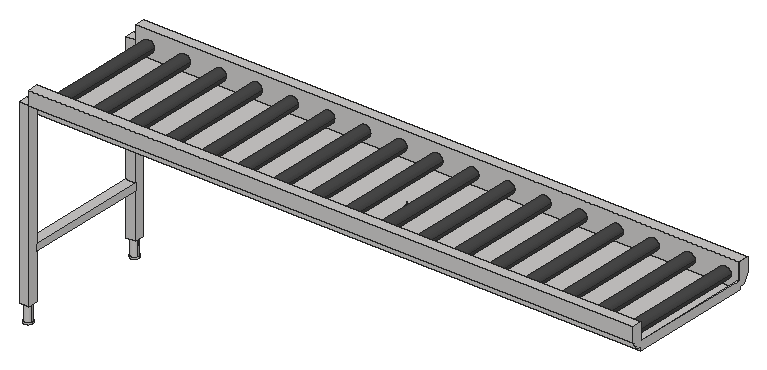
Revit family "QF_ELECTROLUXPROFESSIONAL_863038_HSLRC26", category Specialty Equipment, Revit 2018
Family settings
  Round Connector Dimension = Use Diameter
  Part Type = Normal
  Work Plane-Based = No
  Always vertical = Yes
  Cut with Voids When Loaded = No
  Shared = No
  Room Calculation Point = No
Parameters
  Weight = 0.00 kg
  Watts = 0 W
  Volts = 0 V
  URL Manufacturer = "http://professional.electrolux.com/"
  URL = "http://professional.electrolux.com/"
  Steam Supply Size = 0 mm
  Steam Supply Minimum Pressure = 0.0 Pa
  Steam Supply Maximum Pressure = 0.0 Pa
  Steam Pounds per Hour = 0
  Refrigeration Suction Line Size = 0 mm
  Refrigeration Liquid Line Size = 0 mm
  Refrigerant Compressor Remote = yes
  Manufacturer = "Electrolux"
  Phase = 0
  Model = "HSLRC26"
  Length Actual = 2600 mm  # constant formula
  Item Number = "863038"
  Hot Water Size = 0 mm
  Height Actual = 910 mm  # constant formula
  HP = "0 HP"
  Gas Size = 0 mm
  Gas KW = 0
  Gas Input Pressure = 0 W
  Description = "CONVEYOR, LONG ROLLERS, L=2600 MM"
  Depth Actual = 620 mm  # constant formula
  Cycle = 0 Hz
  Condensate Return Size = 0 mm
  Compressed Air Volume = 0.0 L/s
  Compressed Air Size = 0 mm
  Compressed Air Pressure = 0.0 Pa
  Cold Water Size = 0 mm
  Accessory = yes
Reference planes
  plane 1 "Centro (Fronte/Retro)": y = 74.737
  plane 2: z = 0
  plane 3 "LEFT": x = -1038.761
  plane 4 "BACK": y = 384.737
  plane 5 "FRONT": y = -235.263
  plane 6: z = 910
  plane 7 "RIGHT": x = 1561.239
  plane 8: x = 291.239
Forms (mm)
  Extrusion 1, solid, material "QF_Finishes_Stainless Steel"
    sketch origin (0, 74.737, 0) x (1, 0, 0) y (0, 0, 1)
      loop
        line (-1079.929, 300) -> (-1079.929, 270) -> (-1039.929, 270) -> (-1039.929, 300) -> (-1079.929, 300)
    from -266.504 to 266.46
  Extrusion 2, solid, material "QF_Finishes_Stainless Steel"
    sketch origin (11.239, 0, 0) x (0, 1, 0) y (0, 0, 1)
      loop
        line (-235.263, 910) -> (-235.263, 850.033) -> (-190.242, 850.033) -> (-190.242, 910) -> (-235.263, 910)
      loop
        line (384.737, 910) -> (339.716, 910) -> (339.716, 850.033) -> (384.737, 850.033) -> (384.737, 910)
    from -1050 to 1548.8
  Extrusion 3, solid, material "QF_Finishes_Stainless Steel"
    sketch origin (11.239, 0, 0) x (0, 1, 0) y (0, 0, 1)
      loop
        line (-191.727, 850.033) -> (-191.727, 800.081) -> (341.245, 800.081) -> (341.245, 850.033) -> (339.716, 850.033) -> (339.716, 803.081) -> (-190.242, 803.081) -> (-190.242, 850.033) -> (-191.727, 850.033)
    from -1050 to 1548.8
  Extrusion 4, solid, material "QF_Finishes_Black"
    sketch origin (0, 74.737, 0) x (1, 0, 0) y (0, 0, -1)
      loop
        circle (-980.637, -850.115) r 25
      loop
        circle (-825.403, -850.115) r 25
      loop
        circle (-670.168, -850.115) r 25
      loop
        circle (1503.115, -850.115) r 25
      loop
        circle (726.943, -850.115) r 25
      loop
        circle (882.177, -850.115) r 25
      loop
        circle (1192.646, -850.115) r 25
      loop
        circle (1347.881, -850.115) r 25
      loop
        circle (-514.934, -850.115) r 25
      loop
        circle (571.708, -850.115) r 25
      loop
        circle (416.474, -850.115) r 25
      loop
        circle (261.239, -850.115) r 25
      loop
        circle (-359.699, -850.115) r 25
      loop
        circle (106.005, -850.115) r 25
      loop
        circle (-204.465, -850.115) r 25
      loop
        circle (1037.412, -850.115) r 25
      loop
        circle (-49.23, -850.115) r 25
    from -260.534 to 260.534
  Extrusion 5, solid, material "QF_Finishes_Stainless Steel"
    sketch origin (3061.239, 723.253, 4000) x (0, 1, 0) y (0, 0, 1)
      loop
        line (-958.516, -3090) -> (-958.516, -3149.967) -> (-934.752, -3185.632) -> (-915.4, -3185.632) -> (-915.4, -3199.919) -> (-381.633, -3199.919) -> (-381.633, -3185.632) -> (-362.281, -3185.632) -> (-338.516, -3149.967) -> (-338.516, -3090) -> (-383.538, -3090) -> (-383.538, -3161.926) -> (-913.495, -3161.926) -> (-913.495, -3090) -> (-958.516, -3090)
    from -1500 to -1501.2
  Revolve 6, solid, material "QF_Finishes_Stainless Steel"
    sketch origin (261.582, 0, 0) x (0, 1, 0) y (0, 0, 1)
      loop
        line (74.737, 800.081) -> (12.53, 800.081) -> (12.319, 797.4) -> (12.319, 785.476) -> (17.293, 785.476) -> (17.293, 781.772)
        arc (17.293, 781.772) -> (20.266, 773.808) -> (27.77, 769.813) r 11.998
        line (27.77, 769.813) -> (74.737, 764.085) -> (74.737, 800.081)
      axis (74.737, 764.085) -> (74.737, 800.081)
    angle from 0 to 360
  Revolve 7, solid, material "QF_Finishes_Stainless Steel"
    sketch origin (291.582, -1524, 744.096) x (0, 0, 1) y (0, -1, 0)
      loop
        line (13.017, -1619.713) -> (30, -1619.713) -> (30, -1598.737) -> (0, -1598.737) -> (0, -1619.713) -> (2.434, -1622.253) -> (10.477, -1622.253) -> (13.017, -1619.713)
      axis (0, -1598.737) -> (30, -1598.737)
    angle from 0 to 360
Cuts and joins
  joined: Extrusion 2, Extrusion 3
Lines and regions (mm)
  Split face 1
    outline origin (1308.864, 339.716, 803.081) x (-1, 0, 0) y (0, -1, 0)
      loop
        circle (1047, 264.904) r 3.016
  Split face 2
    outline origin (1308.864, 339.716, 803.081) x (-1, 0, 0) y (0, -1, 0)
      loop
        circle (1047, 264.904) r 52.991
  Split face 3
    outline origin (1308.864, 339.716, 803.081) x (-1, 0, 0) y (0, -1, 0)
      loop
        circle (1047, 264.904) r 36.015
  Split face 4
    outline origin (1308.864, 339.716, 803.081) x (-1, 0, 0) y (0, -1, 0)
      loop
        circle (1047, 264.904) r 26.027
  Split face 5
    outline origin (1308.864, 339.716, 803.081) x (-1, 0, 0) y (0, -1, 0)
      loop
        circle (1047, 264.904) r 9.056
  Masking region 1
    outline origin (0, 0, 0) x (1, 0, 0) y (0, 1, 0)
      loop
        line (-1038.761, 384.737) -> (-1038.761, -235.263) -> (1561.239, -235.263) -> (1561.239, 384.737) -> (-1038.761, 384.737)
  symbolic lines
    curve 1: line (1561.239, 384.737, 0) -> (-1038.761, 384.737, 0)
    curve 2: line (-1038.761, 384.737, 0) -> (-1038.761, -235.263, 0)
    curve 3: line (-1038.761, 339.716, 0) -> (1561.239, 339.716, 0)
    curve 4: line (-1038.761, -235.263, 0) -> (1561.239, -235.263, 0)
    curve 5: line (1561.239, -235.263, 0) -> (1561.239, 384.737, 0)
    curve 6: line (1561.239, -190.242, 0) -> (-1038.761, -190.242, 0)
    curve 7: line (-955.637, 335.271, 0) -> (-1005.637, 335.271, 0)
    curve 8: line (-1005.637, 335.271, 0) -> (-1005.637, -185.797, 0)
    curve 9: line (-1005.637, -185.797, 0) -> (-955.637, -185.797, 0)
    curve 10: line (-955.637, -185.797, 0) -> (-955.637, 335.271, 0)
    curve 11: line (-800.403, 335.271, 0) -> (-850.403, 335.271, 0)
    curve 12: line (-850.403, 335.271, 0) -> (-850.403, -185.797, 0)
    curve 13: line (-850.403, -185.797, 0) -> (-800.403, -185.797, 0)
    curve 14: line (-800.403, -185.797, 0) -> (-800.403, 335.271, 0)
    curve 15: line (-645.168, 335.271, 0) -> (-695.168, 335.271, 0)
    curve 16: line (-695.168, 335.271, 0) -> (-695.168, -185.797, 0)
    curve 17: line (-695.168, -185.797, 0) -> (-645.168, -185.797, 0)
    curve 18: line (-645.168, -185.797, 0) -> (-645.168, 335.271, 0)
    curve 19: line (1528.115, 335.271, 0) -> (1478.115, 335.271, 0)
    curve 20: line (1478.115, 335.271, 0) -> (1478.115, -185.797, 0)
    curve 21: line (1478.115, -185.797, 0) -> (1528.115, -185.797, 0)
    curve 22: line (1528.115, -185.797, 0) -> (1528.115, 335.271, 0)
    curve 23: line (1561.239, 74.737, 0) -> (1531.239, 74.737, 0)
    curve 24: line (-1038.761, 74.737, 0) -> (-1008.761, 74.737, 0)
    curve 25: arc (261.846, 137.156, 0) -> (324.264, 74.737, 0) -> (261.846, 12.319, 0) r 62.418
    curve 26: arc (261.846, 12.319, 0) -> (199.427, 74.737, 0) -> (261.846, 137.156, 0) r 62.418
    curve 27: arc (291.846, 95.713, 0) -> (270.87, 74.737, 0) -> (291.846, 53.761, 0) r 20.976
    curve 28: arc (291.846, 53.761, 0) -> (312.822, 74.737, 0) -> (291.846, 95.713, 0) r 20.976
    curve 29: line (-489.934, 335.271, 0) -> (-539.934, 335.271, 0)
    curve 30: line (-539.934, 335.271, 0) -> (-539.934, -185.797, 0)
    curve 31: line (-539.934, -185.797, 0) -> (-489.934, -185.797, 0)
    curve 32: line (-489.934, -185.797, 0) -> (-489.934, 335.271, 0)
    curve 33: line (-334.699, 335.271, 0) -> (-384.699, 335.271, 0)
    curve 34: line (-384.699, 335.271, 0) -> (-384.699, -185.797, 0)
    curve 35: line (-384.699, -185.797, 0) -> (-334.699, -185.797, 0)
    curve 36: line (-334.699, -185.797, 0) -> (-334.699, 335.271, 0)
    curve 37: line (-179.465, 335.271, 0) -> (-229.465, 335.271, 0)
    curve 38: line (-229.465, 335.271, 0) -> (-229.465, -185.797, 0)
    curve 39: line (-229.465, -185.797, 0) -> (-179.465, -185.797, 0)
    curve 40: line (-179.465, -185.797, 0) -> (-179.465, 335.271, 0)
    curve 41: line (-24.23, 335.271, 0) -> (-74.23, 335.271, 0)
    curve 42: line (-74.23, 335.271, 0) -> (-74.23, -185.797, 0)
    curve 43: line (-74.23, -185.797, 0) -> (-24.23, -185.797, 0)
    curve 44: line (-24.23, -185.797, 0) -> (-24.23, 335.271, 0)
    curve 45: line (131.005, 335.271, 0) -> (81.005, 335.271, 0)
    curve 46: line (81.005, 335.271, 0) -> (81.005, -185.797, 0)
    curve 47: line (81.005, -185.797, 0) -> (131.005, -185.797, 0)
    curve 48: line (131.005, -185.797, 0) -> (131.005, 335.271, 0)
    curve 49: line (286.239, 335.271, 0) -> (236.239, 335.271, 0)
    curve 50: line (236.239, 335.271, 0) -> (236.239, -185.797, 0)
    curve 51: line (236.239, -185.797, 0) -> (286.239, -185.797, 0)
    curve 52: line (286.239, -185.797, 0) -> (286.239, 335.271, 0)
    curve 53: line (441.474, 335.271, 0) -> (391.474, 335.271, 0)
    curve 54: line (391.474, 335.271, 0) -> (391.474, -185.797, 0)
    curve 55: line (391.474, -185.797, 0) -> (441.474, -185.797, 0)
    curve 56: line (441.474, -185.797, 0) -> (441.474, 335.271, 0)
    curve 57: line (596.708, 335.271, 0) -> (546.708, 335.271, 0)
    curve 58: line (546.708, 335.271, 0) -> (546.708, -185.797, 0)
    curve 59: line (546.708, -185.797, 0) -> (596.708, -185.797, 0)
    curve 60: line (596.708, -185.797, 0) -> (596.708, 335.271, 0)
    curve 61: line (751.943, 335.271, 0) -> (701.943, 335.271, 0)
    curve 62: line (701.943, 335.271, 0) -> (701.943, -185.797, 0)
    curve 63: line (701.943, -185.797, 0) -> (751.943, -185.797, 0)
    curve 64: line (751.943, -185.797, 0) -> (751.943, 335.271, 0)
    curve 65: line (907.177, 335.271, 0) -> (857.177, 335.271, 0)
    curve 66: line (857.177, 335.271, 0) -> (857.177, -185.797, 0)
    curve 67: line (857.177, -185.797, 0) -> (907.177, -185.797, 0)
    curve 68: line (907.177, -185.797, 0) -> (907.177, 335.271, 0)
    curve 69: line (1062.412, 335.271, 0) -> (1012.412, 335.271, 0)
    curve 70: line (1012.412, 335.271, 0) -> (1012.412, -185.797, 0)
    curve 71: line (1012.412, -185.797, 0) -> (1062.412, -185.797, 0)
    curve 72: line (1062.412, -185.797, 0) -> (1062.412, 335.271, 0)
    curve 73: line (1217.646, 335.271, 0) -> (1167.646, 335.271, 0)
    curve 74: line (1167.646, 335.271, 0) -> (1167.646, -185.797, 0)
    curve 75: line (1167.646, -185.797, 0) -> (1217.646, -185.797, 0)
    curve 76: line (1217.646, -185.797, 0) -> (1217.646, 335.271, 0)
    curve 77: line (1372.881, 335.271, 0) -> (1322.881, 335.271, 0)
    curve 78: line (1322.881, 335.271, 0) -> (1322.881, -185.797, 0)
    curve 79: line (1322.881, -185.797, 0) -> (1372.881, -185.797, 0)
    curve 80: line (1372.881, -185.797, 0) -> (1372.881, 335.271, 0)
Dimensions and locks
  plane 3 "LEFT" to plane 7 "RIGHT" = 2600 mm
  equal spacing: plane 4 "BACK", plane 1 "Centro (Fronte/Retro)", plane 5 "FRONT"
  plane 4 "BACK" to plane 5 "FRONT" = 620 mm
  locked: Extrusion 4 sketch curve to plane 3 "LEFT" at 58.124
  locked: plane 7 "RIGHT" to Extrusion 4 sketch curve at 58.124
  equal spacing: Extrusion 4 sketch curve, Extrusion 4 sketch curve, Extrusion 4 sketch curve, Extrusion 4 sketch curve, Extrusion 4 sketch curve, Extrusion 4 sketch curve, Extrusion 4 sketch curve, Extrusion 4 sketch curve, Extrusion 4 sketch curve, Extrusion 4 sketch curve, Extrusion 4 sketch curve, Extrusion 4 sketch curve, Extrusion 4 sketch curve, Extrusion 4 sketch curve, Extrusion 4 sketch curve, Extrusion 4 sketch curve, Extrusion 4 sketch curve
  aligned and locked: level to plane 2
Automatic sketch dimensions
  Extrusion 1 sketch curve to plane 3 "LEFT" = 41.168 mm
  Extrusion 1 sketch curve to plane 3 "LEFT" = 1.168 mm
  level to Extrusion 1 sketch curve = 270 mm
  Extrusion 1 sketch curve to Extrusion 1 sketch curve = 30 mm
  Extrusion 2 sketch curve to plane 5 "FRONT" = 0 mm
  Extrusion 2 sketch curve to plane 6 = 0 mm  (x2)
  Extrusion 2 sketch curve to plane 4 "BACK" = 0 mm
  plane 5 "FRONT" to Extrusion 2 sketch curve = 45.021 mm
  Extrusion 2 sketch curve to plane 4 "BACK" = 45.021 mm
  Extrusion 2 sketch curve to Extrusion 2 sketch curve = 59.967 mm  (x2)
  plane 5 "FRONT" to Extrusion 3 sketch curve = 43.536 mm
  Extrusion 3 sketch curve to Extrusion 3 sketch curve = 1.486 mm
  Extrusion 3 sketch curve to plane 4 "BACK" = 45.021 mm
  Extrusion 3 sketch curve to Extrusion 3 sketch curve = 1.529 mm
  Extrusion 3 sketch curve to plane 6 = 109.919 mm
  Extrusion 3 sketch curve to Extrusion 3 sketch curve = 3 mm
  Extrusion 3 sketch curve to Extrusion 3 sketch curve = 46.952 mm  (x2)
  Split face 1 sketch curve to cut or joined group of Extrusion 2, Extrusion 3 = 1298.175 mm
  cut or joined group of Extrusion 2, Extrusion 3 to Split face 1 sketch curve = 264.904 mm
  Split face 2 sketch curve to cut or joined group of Extrusion 2, Extrusion 3 = 1298.175 mm
  cut or joined group of Extrusion 2, Extrusion 3 to Split face 2 sketch curve = 264.904 mm
  Split face 3 sketch curve to cut or joined group of Extrusion 2, Extrusion 3 = 1298.175 mm
  cut or joined group of Extrusion 2, Extrusion 3 to Split face 3 sketch curve = 264.904 mm
  Split face 4 sketch curve to cut or joined group of Extrusion 2, Extrusion 3 = 1298.175 mm
  cut or joined group of Extrusion 2, Extrusion 3 to Split face 4 sketch curve = 264.904 mm
  Split face 5 sketch curve to cut or joined group of Extrusion 2, Extrusion 3 = 1298.175 mm
  cut or joined group of Extrusion 2, Extrusion 3 to Split face 5 sketch curve = 264.904 mm
  Masking region 1 sketch curve to plane 3 "LEFT" = 0 mm
  Masking region 1 sketch curve to plane 5 "FRONT" = 0 mm
  Masking region 1 sketch curve to plane 7 "RIGHT" = 0 mm
  Masking region 1 sketch curve to plane 4 "BACK" = 0 mm
  Extrusion 5 sketch curve to plane 5 "FRONT" = 0 mm
  Extrusion 5 sketch curve to plane 6 = 0 mm  (x2)
  Extrusion 5 sketch curve to plane 4 "BACK" = 0 mm
  plane 5 "FRONT" to Extrusion 5 sketch curve = 23.764 mm
  Extrusion 5 sketch curve to Extrusion 5 sketch curve = 19.352 mm  (x2)
  plane 5 "FRONT" to Extrusion 5 sketch curve = 45.021 mm
  Extrusion 5 sketch curve to plane 4 "BACK" = 45.021 mm
  Extrusion 5 sketch curve to Extrusion 5 sketch curve = 1.905 mm
  Extrusion 5 sketch curve to Extrusion 5 sketch curve = 59.967 mm  (x2)
  Extrusion 5 sketch curve to Extrusion 5 sketch curve = 11.959 mm
  Extrusion 5 sketch curve to Extrusion 5 sketch curve = 23.706 mm  (x2)
  Extrusion 5 sketch curve to Extrusion 5 sketch curve = 14.287 mm
  Revolve 6 sketch curve to plane 1 "Centro (Fronte/Retro)" = 0 mm  (x2)
  plane 1 "Centro (Fronte/Retro)" to Revolve 6 sketch curve = 45.447 mm
  Revolve 6 sketch curve to Revolve 6 sketch curve = 1.52 mm
  Revolve 6 sketch curve to Revolve 6 sketch curve = 11.998 mm
  Revolve 6 sketch curve to Revolve 6 sketch curve = 4.762 mm
  Revolve 6 sketch curve to Revolve 6 sketch curve = 4.974 mm
  Revolve 6 sketch curve to plane 6 = 145.915 mm
  Revolve 6 sketch curve to Revolve 6 sketch curve = 5.727 mm
  Revolve 6 sketch curve to Revolve 6 sketch curve = 11.901 mm
  Revolve 6 sketch curve to Revolve 6 sketch curve = 3.704 mm
  Revolve 6 sketch curve to Revolve 6 sketch curve = 11.924 mm
  Revolve 6 sketch curve to Revolve 6 sketch curve = 2.681 mm
  Revolve 6 sketch curve to Revolve 6 sketch curve = 3 mm
  Revolve 6 sketch curve to Revolve 6 sketch curve = 14.991 mm
  Revolve 7 sketch curve to plane 1 "Centro (Fronte/Retro)" = 0 mm  (x2)
  Revolve 7 sketch curve to plane 1 "Centro (Fronte/Retro)" = 20.976 mm
  Revolve 7 sketch curve to plane 6 = 165.904 mm
  Revolve 7 sketch curve to plane 1 "Centro (Fronte/Retro)" = 23.516 mm
  Revolve 7 sketch curve to Revolve 7 sketch curve = 2.434 mm
  Revolve 7 sketch curve to Revolve 7 sketch curve = 8.043 mm
  Revolve 7 sketch curve to Revolve 7 sketch curve = 2.54 mm  (x2)
  Revolve 7 sketch curve to Revolve 7 sketch curve = 16.983 mm
  Revolve 7 sketch curve to Revolve 7 sketch curve = 3.127 mm
  Revolve 7 sketch curve to Revolve 7 sketch curve = 7.343 mm
  Extrusion 4 sketch curve to plane 6 = 59.885 mm  (x17)
  curve 25 to curve 26 = 0 mm  (x2)
  curve 27 to curve 28 = 0 mm  (x2)
  plane 1 "Centro (Fronte/Retro)" to curve 24 = 0 mm
  curve 24 to plane 3 "LEFT" = 0 mm
  plane 1 "Centro (Fronte/Retro)" to curve 26 = 0 mm
  plane 1 "Centro (Fronte/Retro)" to curve 28 = 0 mm
  plane 1 "Centro (Fronte/Retro)" to curve 23 = 0 mm
  curve 6 to plane 7 "RIGHT" = 0 mm
  plane 5 "FRONT" to curve 4 = 0 mm
  curve 2 to plane 4 "BACK" = 0 mm
  plane 3 "LEFT" to curve 7 = 33.124 mm
  curve 8 to curve 9 = 50 mm
  plane 5 "FRONT" to curve 12 = 49.466 mm
  curve 9 to curve 12 = 105.235 mm
  curve 11 to curve 11 = 50 mm
  plane 5 "FRONT" to curve 16 = 49.466 mm
  curve 13 to curve 16 = 105.235 mm
  curve 15 to curve 15 = 50 mm
  curve 30 to plane 4 "BACK" = 49.466 mm
  curve 15 to curve 30 = 105.235 mm
  curve 29 to curve 32 = 50 mm
  plane 5 "FRONT" to curve 35 = 49.466 mm
  curve 31 to curve 35 = 105.235 mm
  curve 34 to curve 35 = 50 mm
  curve 37 to plane 4 "BACK" = 49.466 mm
  curve 33 to curve 37 = 105.235 mm
  curve 38 to curve 39 = 50 mm
  curve 42 to plane 4 "BACK" = 49.466 mm
  curve 37 to curve 42 = 105.235 mm
  curve 42 to curve 43 = 50 mm
  plane 5 "FRONT" to curve 47 = 49.466 mm
  curve 43 to curve 47 = 105.235 mm
  curve 46 to curve 47 = 50 mm
  curve 50 to plane 8 = 55 mm
  curve 26 to plane 8 = 29.393 mm
  curve 52 to plane 8 = 5 mm
  plane 8 to curve 28 = 0.607 mm
  curve 53 to plane 4 "BACK" = 49.466 mm
  plane 8 to curve 53 = 100.235 mm
  curve 53 to curve 56 = 50 mm
  curve 58 to plane 4 "BACK" = 49.466 mm
  curve 53 to curve 58 = 105.235 mm
  curve 58 to curve 60 = 50 mm
  curve 61 to plane 4 "BACK" = 49.466 mm
  curve 57 to curve 61 = 105.235 mm
  curve 61 to curve 64 = 50 mm
  curve 66 to plane 4 "BACK" = 49.466 mm
  curve 61 to curve 66 = 105.235 mm
  curve 66 to curve 67 = 50 mm
  curve 69 to plane 4 "BACK" = 49.466 mm
  curve 65 to curve 69 = 105.235 mm
  curve 70 to curve 72 = 50 mm
  curve 73 to plane 4 "BACK" = 49.466 mm
  curve 69 to curve 73 = 105.235 mm
  curve 73 to curve 73 = 50 mm
  curve 77 to plane 4 "BACK" = 49.466 mm
  curve 73 to curve 77 = 105.235 mm
  curve 77 to curve 77 = 50 mm
  curve 20 to plane 7 "RIGHT" = 83.124 mm
  curve 21 to plane 7 "RIGHT" = 33.124 mm
  plane 5 "FRONT" to curve 79 = 49.466 mm
  plane 5 "FRONT" to curve 75 = 49.466 mm
  plane 5 "FRONT" to curve 40 = 49.466 mm
  plane 5 "FRONT" to curve 72 = 49.466 mm
  plane 5 "FRONT" to curve 8 = 49.466 mm
  plane 5 "FRONT" to curve 68 = 49.466 mm
  plane 5 "FRONT" to curve 64 = 49.466 mm
  plane 5 "FRONT" to curve 60 = 49.466 mm
  plane 5 "FRONT" to curve 20 = 49.466 mm
  plane 5 "FRONT" to curve 56 = 49.466 mm
  plane 5 "FRONT" to curve 52 = 49.466 mm
  plane 5 "FRONT" to curve 44 = 49.466 mm
  plane 5 "FRONT" to curve 30 = 49.466 mm
  curve 45 to plane 4 "BACK" = 49.466 mm
  curve 49 to plane 4 "BACK" = 49.466 mm
  curve 33 to plane 4 "BACK" = 49.466 mm
  curve 22 to plane 4 "BACK" = 49.466 mm
  curve 18 to plane 4 "BACK" = 49.466 mm
  curve 14 to plane 4 "BACK" = 49.466 mm
  curve 10 to plane 4 "BACK" = 49.466 mm
  plane 3 "LEFT" to curve 24 = 30 mm
  curve 23 to curve 23 = 30 mm
  curve 6 to curve 21 = 4.445 mm
  curve 25 to curve 25 = 62.418 mm
  curve 28 to curve 27 = 20.976 mm
  curve 19 to curve 3 = 4.445 mm
  radius of Split face 1 sketch curve = 3.016 mm
  radius of Split face 2 sketch curve = 52.991 mm
  radius of Split face 3 sketch curve = 36.015 mm
  radius of Split face 4 sketch curve = 26.027 mm
  radius of Split face 5 sketch curve = 9.056 mm
  radius of Extrusion 4 sketch curve = 25 mm  (x17)
Nested families
  nested 1: "Foot_40x40" at (-1059.929, 361.245, 0), type "Foot_40x40"
    with A 850.033 mm
  nested 2: "Foot_40x40" at (-1059.929, -211.771, 0), type "Foot_40x40"
    with A 850.033 mm
  nested 3: "Foot_40x40" at (-1059.929, 361.288, 0), type "Foot_40x40"
    with A 850.033 mm
Connectors
  piping at (291.582, 74.737, 744.096), diameter 30
    settings: on Revolve 7, index 4, connector inside diameter 609.6 mm, connector length 0 mm, flow factor 0, pipe flow 0.0 L/s, pressure drop 0.0 Pa, fitting loss kfactor 0, connector angle 0.00°, fixture units 0, engagement length 0 mm, angle of deflection 0.00°, flow configuration 1, flow direction 2, fitting loss method 0, system type 16, joint type 0, gender type 0, connector reference index -1, connector utility 0, adjustable connector no, is connector primary yes, connector description "Drain"
Definition of nested family "Foot_40x40"
  Parameters
    A [instance] = 850 mm
  Reference planes
    plane 1 "Centro (Fronte/Retro)": y = 0
    plane 2: z = 0
    plane 3 "Centro (Sinistra/Destra)": x = 0
    plane 4: z = 850
  Forms (mm)
    Extrusion 1, solid
      sketch origin (0, 0, 0) x (1, 0, 0) y (0, 1, 0)
        loop
          circle (0, 0) r 18
      from 0 to 5
    Extrusion 2, solid
      sketch origin (0, 0, 5) x (1, 0, 0) y (0, 1, 0)
        loop
          circle (0, 0) r 15
      from 0 to 70
    Extrusion 3, solid
      sketch origin (0, 0, 75) x (1, 0, 0) y (0, 1, 0)
        loop
          line (-20, 20) -> (-20, -20) -> (20, -20) -> (20, 20) -> (-20, 20)
      from 0 to 775
  Dimensions and locks
    "A": plane 4 to plane 2
    aligned and locked: level to plane 2
    aligned and locked: plane 4 to Extrusion 3
    aligned and locked: Extrusion 1 to level
  Automatic sketch dimensions
    plane 1 "Centro (Fronte/Retro)" to Extrusion 1 sketch curve = 0 mm
    Extrusion 1 sketch curve to plane 3 "Centro (Sinistra/Destra)" = 0 mm
    Extrusion 3 sketch curve to Extrusion 3 sketch curve = 40 mm  (x2)
    radius of Extrusion 1 sketch curve = 18 mm
    radius of Extrusion 2 sketch curve to Extrusion 1 = 3 mm
